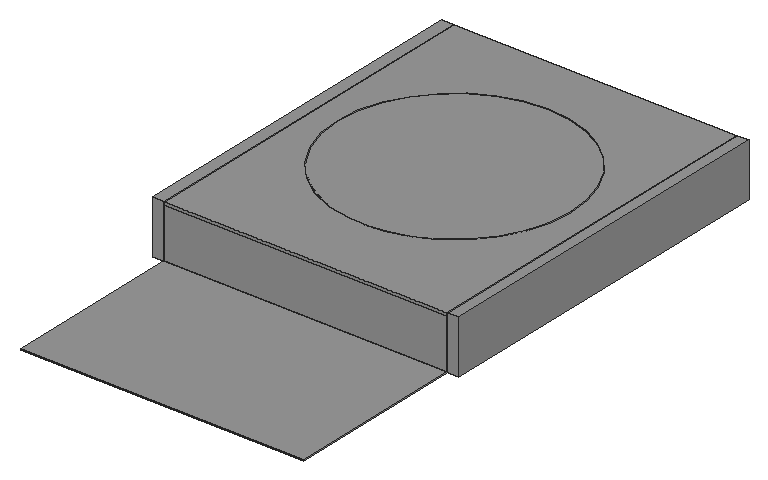
Revit family "OKA-W Anbaueinheit für GESR9_55, Höhe 40-70mm", category Generic Models, Revit 2015
Parameters (values of type "OKA-W A 4030R9")
  Width = 400 mm
  URL = "http://www.obo-bettermann.com"
  Material = Steel, Galvanized
  Manufacturer Art. No. = "7424886"
  Manufacturer = "OBO Bettermann"
  Length = 473 mm
  HeightCalc [instance] = if(Height < 40 mm, 40 mm, (if(Height > 70 mm, 70 mm, Height)))  # 70 mm
  Height [instance] = 500 mm
  GTIN = "4012195245162"
  Article Type = "OKA-W A 4030R9"
Reference planes
  plane 1 "Center (Front/Back)": y = 0
  plane 2: z = 0
  plane 3 "Center (Left/Right)": x = 0
  plane 4: z = 70
  plane 5: y = -473
  plane 6: x = 200
  plane 7: x = -200
Forms (mm)
  Extrusion 1, solid, material "Aluminum 6061"
    sketch origin (0, 0, 0) x (1, 0, 0) y (0, 0, 1)
      loop
        line (185, 70) -> (185, 1) -> (-185, 1) -> (-185, 70) -> (-200, 70) -> (-200, 0) -> (200, 0) -> (200, 70) -> (185, 70)
    from 0 to 473
  Extrusion 2, solid, material "Steel, Galvanized" <- "Material"
    sketch origin (0, 0, 0) x (1, 0, 0) y (0, 0, 1)
      loop
        line (185, 66) -> (185, 70) -> (-185, 70) -> (-185, 66) -> (185, 66)
    from 0 to 473
  Extrusion 3, solid, material "Aluminum 6061"
    sketch origin (0, 0, 0) x (0, 1, 0) y (0, 0, 1)
      loop
        line (-473, 66) -> (-473, 1) -> (-708, 1) -> (-708, 0) -> (-458, 0) -> (-458, 66) -> (-473, 66)
    from -185 to 185
  Extrusion 4, void
    sketch origin (0, 0, 0) x (1, 0, 0) y (0, 1, 0)
      loop
        circle (0, -230) r 152.5
    from 0 to 250
  Extrusion 5, solid, material "Steel, Galvanized"
    sketch origin (0.391, -1.957, 0) x (1, 0, 0) y (0, 1, 0)
      loop
        circle (-0.391, -228.043) r 152.5
    from 66 to 70
Cuts and joins
  Extrusion 4 cuts Extrusion 2
Lines and regions (mm)
  model lines
    curve 1: line (-200, 0, 70) -> (-185, 0, 70)
    curve 2: line (-185, 0, 70) -> (-185, 0, 0)
    curve 3: line (-200, 0, 1) -> (-200, 0, 70)
    curve 4: line (185, 0, 70) -> (185, 0, 0)
    curve 5: line (200, 0, 1) -> (200, 0, 70)
    curve 6: line (200, 0, 70) -> (185, 0, 70)
    curve 7: line (185, 0, 70) -> (185, 0, 0)
    curve 8: line (-185, 0, 0) -> (-185, 0, 70)
    curve 9: line (-185, 0, 70) -> (185, 0, 70)
    curve 10: line (-185, 0, 66) -> (185, 0, 66)
Dimensions and locks
  locked: curve 2 to curve 3 at 15
  locked: curve 5 to curve 4 at 15
  "Length": plane 1 "Center (Front/Back)" to plane 5
  equal spacing: plane 7, plane 3 "Center (Left/Right)", plane 6
  "Width": plane 7 to plane 6
  "HeightCalc": level to plane 4
  locked: curve 10 to curve 9 at 4
  Extrusion 3 sketch curve to Extrusion 1 = 15 mm
  locked: Extrusion 3 sketch curve to Extrusion 3 sketch curve at 250
  locked: Extrusion 3 sketch curve to Extrusion 3 sketch curve at 1
  locked: cut or joined group of Extrusion 2, Extrusion 4 to Extrusion 4 sketch curve at 77.5
  diameter of Extrusion 4 sketch curve = 305 mm
  aligned and locked: level to plane 2
  aligned and locked: curve 3 to plane 7
  aligned and locked: curve 5 to plane 6
  aligned and locked: plane 4 to curve 1
  aligned and locked: Extrusion 1 sketch curve to curve 7
  aligned and locked: Extrusion 1 sketch curve to curve 6
  aligned and locked: Extrusion 1 sketch curve to curve 5
  aligned and locked: Extrusion 1 sketch curve to curve 3
  aligned and locked: curve 8 to Extrusion 1 sketch curve
  aligned and locked: Extrusion 1 sketch curve to curve 1
  aligned and locked: Extrusion 1 to plane 5
  aligned and locked: Extrusion 2 sketch curve to curve 10
  aligned and locked: Extrusion 2 sketch curve to curve 9
  aligned and locked: Extrusion 2 sketch curve to curve 2
  aligned and locked: Extrusion 2 sketch curve to curve 4
  aligned and locked: Extrusion 2 to plane 5
  aligned and locked: level to Extrusion 3 sketch curve
  aligned and locked: Extrusion 3 sketch curve to plane 5
  aligned and locked: Extrusion 3 to curve 1
  aligned and locked: Extrusion 3 to Extrusion 1
  aligned and locked: Extrusion 3 to Extrusion 2
  aligned and locked: Extrusion 5 sketch curve to cut or joined group of Extrusion 2, Extrusion 4
  aligned and locked: Extrusion 5 to curve 10
  aligned and locked: Extrusion 5 to curve 1
  aligned and locked: Extrusion 1 sketch curve to plane 2
Automatic sketch dimensions
  Extrusion 3 sketch curve to plane 4 = 4 mm
  Extrusion 4 sketch curve to plane 3 "Center (Left/Right)" = 0 mm
  level to Extrusion 1 sketch curve = 1 mm
  level to curve 5 = 1 mm
  curve 4 to level = 0 mm
  level to curve 3 = 1 mm
  curve 8 to level = 0 mm
